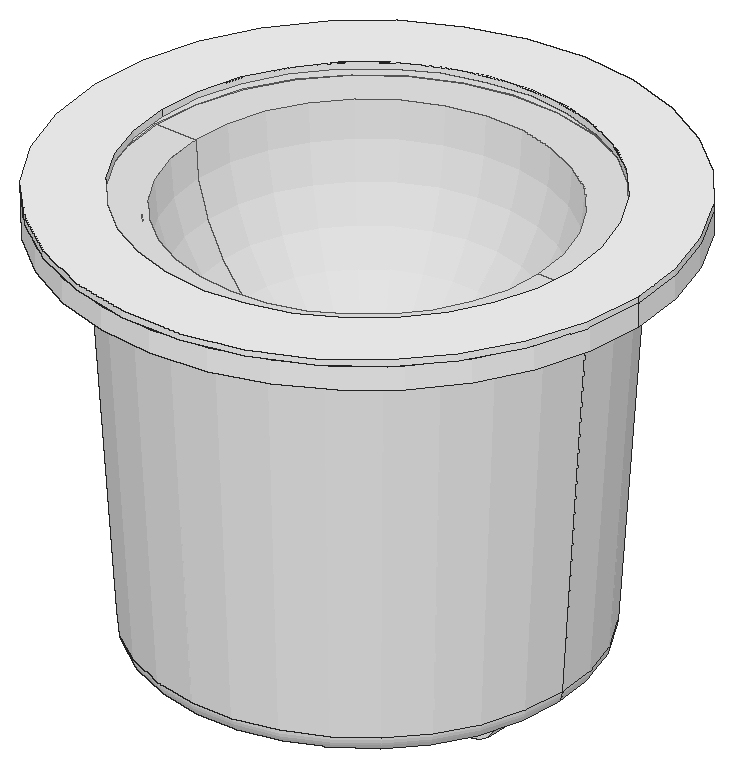
Revit family "2058931", category Lighting Fixtures, host Face, Revit 2018
Family settings
  Host = Face
  Round Connector Dimension = Use Diameter
  Part Type = Normal
  OmniClass Number = 23.80.70.11.17
  OmniClass Title = Specialized Lighting by Location or Use
  Cut with Voids When Loaded = No
  Light Source = Yes
  Shared = No
  Room Calculation Point = No
Parameters (values of type "2058931 MYRIAD DECO IP65 SP 2.7K DALI EM WH CBEZ")
  Weight = "n/a"
  Wattage = 15 W
  WarrantyStartDate [instance] = "n/a"
  WarrantyGuarantorParts = "n/a"
  WarrantyDurationUnit = "n/a"
  WarrantyDurationParts = ""
  WarrantyDescription = "http://www.sylvania-lighting.com"
  built-in parameter 1150110 = 1 (stored number, unit not read)
  Voltage = 230 V
  URL = "0"
  TypeName = "MYRIAD DECO IP65 SPOT 2700K DALI EM WHITE CBEZ"
  Type Image = 0
  Type Comments = ""
  built-in parameter 1114217 = 1 (stored number, unit not read)
  Tilt Angle = -90°
  built-in parameter 1150109 = 1 (stored number, unit not read)
  built-in parameter 1150134 = (empty or 0)
  built-in parameter 1150113 = 1 (stored number, unit not read)
  SerialNumber [instance] = "n/a"
  Reflector Radius = Cutout Diameter / 2 - 2.5 mm  # 35.0 mm
  Reflector Material = Aluminum_Sylvania_Myriad_Bright
  Recessed Depth = Height  # 72.0 mm
  PowerFactor = 0
  PowerConsumption = "Lighting"
  Photometric Web File = "2058931.ies"
  NominalWidth = 0.0 mm
  NominalLength = 76.0 mm
  NominalHeight = 72.0 mm
  Name = "MYRIAD DECO IP65 SPOT 2700K DALI EM WHITE CBEZ"
  ModelReference = "MYRIAD DECO IP65 SPOT 2700K DALI EM WHITE CBEZ"
  ModelNumber = "2058931"
  Material = "Feilo Sylvania"
  ManufacturerName = "103 lm/W"
  LuminousEfficacy = ""
  LuminaireType = "0"
  LightOutputRatio = "LED"
  LampsType = Lamp  # "n/a"
  LampNominalLuminous = "2700 K"
  LampMacAdamStep = "90"
  LampColourTemperature = "LED"
  LampColourRenderingIndex = "16500"
  Keynote = "n/a"
  Keynote_2 = "16500"
  InstallationDate [instance] = "n/a"
  InputVoltage = "0"
  InputNominalFrequency = "2700"
  IngressProtection = "IfcLightFixtureType"
  ImpactProtectionIndex = "IfcLightFixtureType"
  IfcExportType = "IfcLightFixtureType"
  IfcExportAs = "Class II"
  Height = 72.0 mm  # constant formula
  ExpectedLife = 50000
  Emit from Circle Diameter = Accessory Inner Diameter 2  # 68.0 mm
  Emit Shape Visible in Rendering = no
  ElectricShockClassification = "103"
  DurationUnit = "hours"
  DocumentationLiterature = "http://www.sylvania-lighting.com/product/en-int/products/2058931"
  DimmingControlOptions = "n/a"
  Diffuser Material = Glass_Sylvania_Myriad_Clear_4000K
  Diffuser Diameter = Cutout Diameter  # 75.0 mm
  Cutout Diameter = 75.0 mm  # constant formula
  CreatedOn = "03/02/2022"
  CreatedBy = "@sylvania-lighting.com"
  Cost = 0
  built-in parameter 1114216 [instance] = 1 (stored number, unit not read)
  Model = "MYRIAD DECO IP65 SPOT 2700K DALI EM WHITE CBEZ"
  Manufacturer = "Feilo Sylvania"  # constant formula
  built-in parameter 1150105 = 83.556 (stored number, unit not read)
  Lumens = 1050 lm
  built-in parameter 1150115 = 1 (stored number, unit not read)
  built-in parameter 1150137 = (empty or 0)
  built-in parameter 1150139 = (empty or 0)
  built-in parameter 1150112 = 1 (stored number, unit not read)
  built-in parameter 1150114 = 1 (stored number, unit not read)
  Lamp = "n/a"
  built-in parameter 1150132 = (empty or 0)
  built-in parameter 1150102 = (empty or 0)
  built-in parameter 1150107 = 2700 (stored number, unit not read)
  built-in parameter 1150138 = (empty or 0)
  built-in parameter 1150106 = 0.83556 (stored number, unit not read)
  built-in parameter 1150104 = 6.5032 (stored number, unit not read)
  Dimming Lamp Color Temperature Shift = <None>
  Description = "Supplied complete with electronic control gear Compact Fluorescent low energy downlight Emergency version passes through the cut out Ideal for low level orientation lighting New range of Architectural accessories each providing a different lit dimension New completely flush plaster up accessory ring for clean ceiling lines and smooth finish Order lamp separately"  # constant formula
  Default Elevation = 0.0 mm
  Color Filter = 16777215
  built-in parameter 1140040 [instance] = 1
  Body Radius = Reflector Radius + 1.5 mm  # 36.5 mm
  Body Material = Aluminum_Sylvania_Myriad_Gray
  BarCode [instance] = "n/a"
  built-in parameter 1114218 = 1 (stored number, unit not read)
  built-in parameter 1150133 = 10 (stored number, unit not read)
  AssetType = "Fixed"
  AssetIdentifier [instance] = "n/a"
  Assembly Code = "D5020200"
  Apparent Load = 12 VA
  Accessory Material = Aluminum_Sylvania_Myriad_White
  Accessory Inner Diameter 2 = Accessory Diameter - 22.0 mm  # 68.0 mm
  Accessory Inner Diameter 1 = Accessory Diameter - 2.0 mm  # 88.0 mm
  Accessory Diameter = Cutout Diameter + 15.0 mm  # 90.0 mm
Reference planes
  plane 1 "Center (Front/Back)": y = 0
  plane 2: z = 0
  plane 3 "Center (Left/Right)": x = 0
  plane 4: z = 2
  plane 5 "Fixture Bottom": z = 4.5
  plane 6: z = -28.5
  plane 7: z = -61.5
  plane 8 "Fixture Top": z = -67.5
  plane 9: z = 3.5
Forms (mm)
  Revolve 1, solid, material "Aluminum_Sylvania_Myriad_Bright" <- "Reflector Material", detail levels fine
    sketch origin (0, 0, 0) x (1, 0, 0) y (0, 0, 1)
      loop
        line (0, -27.515) -> (-6, -27.515)
        arc (-6, -27.515) -> (-22.333, -16.632) -> (-28.5, 2) r 30.135
        line (-28.5, 2) -> (-35, 2) -> (-35, 0) -> (-29.184, 0)
        arc (-29.184, 0) -> (-22.423, -18.18) -> (-6, -28.5) r 30.204
        line (-6, -28.5) -> (0, -28.5) -> (0, -27.515)
      axis (0, -28.5) -> (0, 2)
    angle from 0 to 360
  Revolve 2, solid, material "Aluminum_Sylvania_Myriad_Gray" <- "Body Material", detail levels fine
    sketch origin (0, 0, 0) x (1, 0, 0) y (0, 0, 1)
      loop
        line (-44, 2) -> (-44, 0) -> (-36.5, 0) -> (-32.42, -58.708)
        arc (-32.42, -58.708) -> (-31.474, -60.694) -> (-29.428, -61.5) r 3
        line (-29.428, -61.5) -> (0, -61.5) -> (0, -28.5) -> (-6, -28.5)
        arc (-6, -28.5) -> (-22.423, -18.18) -> (-29.184, 0) r 30.204
        line (-29.184, 0) -> (-35, 0) -> (-35, 2) -> (-44, 2)
      axis (0, 2) -> (0, -61.5)
    angle from 0 to 360
  Extrusion 3, solid, material "Aluminum_Sylvania_Myriad_Gray" <- "Body Material", detail levels fine
    sketch origin (0, 0, 0) x (1, 0, 0) y (0, 0, 1)
      loop
        line (-13.5, -67.5) -> (21, -67.5)
        arc (21, -67.5) -> (23.828, -66.328) -> (25, -63.5) r 4
        line (25, -63.5) -> (25, -61.5) -> (-17.5, -61.5) -> (-17.5, -63.5)
        arc (-17.5, -63.5) -> (-16.328, -66.328) -> (-13.5, -67.5) r 4
    from -4.5 to 4.5
  Extrusion 4, solid, material "Aluminum_Sylvania_Myriad_White" <- "Accessory Material", detail levels fine
    sketch origin (0, 0, 0) x (1, 0, 0) y (0, 1, 0)
      loop
        circle (0, 0) r 45
      loop
        circle (0, 0) r 44
    from 0 to 3.5
  Extrusion 5, solid, material "Aluminum_Sylvania_Myriad_White" <- "Accessory Material", detail levels fine
    sketch origin (0, 0, 0) x (1, 0, 0) y (0, 1, 0)
      loop
        circle (0, 0) r 45
      loop
        circle (0, 0) r 34
    from 3.5 to 4.5
  Extrusion 6, solid, material "Aluminum_Sylvania_Myriad_White" <- "Accessory Material", detail levels coarse+medium
    sketch origin (0, 0, 0) x (1, 0, 0) y (0, 1, 0)
      loop
        circle (0, 0) r 45
    from 0 to 4.5
  Revolve 7, solid, detail levels coarse+medium
    sketch origin (0, 0, 0) x (1, 0, 0) y (0, 0, 1)
      loop
        line (36.5, 0) -> (0, 0) -> (0, -61.5) -> (32.226, -61.5) -> (36.5, 0)
      axis (0, 0) -> (0, -61.5)
    angle from 0 to 360
  Extrusion 8, void
    sketch origin (0, 0, 0) x (1, 0, 0) y (0, 1, 0)
      loop
        circle (0, 0) r 37.5
    from -67.5 to 0
  Extrusion 9, solid, material "Glass_Sylvania_Myriad_Clear_4000K" <- "Diffuser Material", detail levels fine
    sketch origin (0, 0, 0) x (1, 0, 0) y (0, 1, 0)
      loop
        circle (0, 0) r 37.5
    from 2 to 3.5
Cuts and joins
  joined: Extrusion 4, Extrusion 5
Lines and regions (mm)
  Masking region 1
    outline origin (0, 0, 0) x (1, 0, 0) y (0, 1, 0)
      loop
        circle (0, 0) r 45
  symbolic lines
    curve 1: arc (-34, 0, 0) -> (0, 34, 0) -> (34, 0, 0) r 34
    curve 2: arc (34, 0, 0) -> (0, -34, 0) -> (-34, 0, 0) r 34
Dimensions and locks
  locked: plane 7 to plane 8 "Fixture Top" at 6
  "Body Radius": Revolve 7 sketch curve to plane 3 "Center (Left/Right)"
  locked: Revolve 7 sketch curve to Revolve 7 sketch curve at 4.274
  plane 5 "Fixture Bottom" to plane 9 to plane 4 to plane 2 to plane 6 = 1.0 mm locked, 1.5 mm locked, 2.0 mm locked, 28.5 mm locked
  "Reflector Radius": Revolve 1 sketch curve to plane 3 "Center (Left/Right)"
  Revolve 1 sketch curve to Revolve 1 sketch curve to Revolve 1 sketch curve to Revolve 1 sketch curve = 6.5 mm locked, 22.5 mm locked, 0.0 mm locked
  "Reflector Radius": plane 3 "Center (Left/Right)" to Revolve 2 sketch curve
  Revolve 2 sketch curve to Revolve 2 sketch curve to Revolve 2 sketch curve = 7.5 mm locked, 1.5 mm locked
  Revolve 2 sketch curve to Revolve 2 sketch curve to Revolve 2 sketch curve = 5.816 mm locked, 23.184 mm locked
  Revolve 2 sketch curve to Revolve 2 sketch curve to Revolve 2 sketch curve = 2.58 mm locked, 2.993 mm locked
  "Accessory Diameter": diameter of Extrusion 4 sketch curve
  "Accessory Inner Diameter 1": diameter of Extrusion 4 sketch curve
  "Accessory Diameter": diameter of Extrusion 5 sketch curve
  "Accessory Diameter": diameter of Extrusion 6 sketch curve
  "Cutout Diameter": diameter of Extrusion 8 sketch curve
  "Accessory Inner Diameter 2": diameter of Extrusion 5 sketch curve
  "Diffuser Diameter": diameter of Extrusion 9 sketch curve
  aligned and locked: plane 2 to host face
  aligned and locked: level to host face
  aligned and locked: plane 1 "Center (Front/Back)" to imposter light
  aligned and locked: plane 3 "Center (Left/Right)" to imposter light
  aligned and locked: Revolve 1 sketch curve to imposter light
  aligned and locked: Extrusion 3 sketch curve to plane 8 "Fixture Top"
  aligned and locked: plane 7 to Extrusion 3 sketch curve
  aligned and locked: Extrusion 4 to plane 2
  aligned and locked: plane 9 to Extrusion 4
  aligned and locked: Extrusion 5 to plane 9
  aligned and locked: plane 5 "Fixture Bottom" to Extrusion 5
  aligned and locked: Extrusion 6 to plane 2
  aligned and locked: plane 5 "Fixture Bottom" to Extrusion 6
  aligned and locked: Extrusion 8 to plane 8 "Fixture Top"
  aligned and locked: plane 2 to Extrusion 8
  aligned and locked: Masking region 1 sketch curve to Extrusion 6  (x2)
  aligned and locked: Extrusion 9 to plane 4
  aligned and locked: plane 9 to Extrusion 9
  aligned and locked: plane 4 to Revolve 2 sketch curve
  aligned and locked: Revolve 2 sketch curve to plane 2
  aligned and locked: curve 1 to cut or joined group of Extrusion 4, Extrusion 5
  aligned and locked: curve 2 to cut or joined group of Extrusion 4, Extrusion 5
  aligned and locked: imposter light to plane 5 "Fixture Bottom"
Automatic sketch dimensions
  host sketch curve to host sketch curve = 1305.563 mm
  host sketch curve to host sketch curve = 1283.632 mm
  Extrusion 3 sketch curve to plane 7 = 2.0 mm
  Extrusion 3 sketch curve to plane 3 "Center (Left/Right)" = 13.5 mm
  plane 3 "Center (Left/Right)" to Extrusion 3 sketch curve = 21.0 mm
  Extrusion 3 sketch curve to Extrusion 3 sketch curve = 4.0 mm
  Revolve 1 sketch curve to level = 0.0 mm
  Revolve 1 sketch curve to plane 3 "Center (Left/Right)" = 0.0 mm
  Revolve 1 sketch curve to plane 6 = 0.0 mm
  Revolve 1 sketch curve to plane 4 = 0.0 mm
  Revolve 1 sketch curve to Revolve 1 sketch curve = 0.684 mm
  level to Revolve 1 sketch curve = 0.88 mm
  Revolve 1 sketch curve to plane 4 = 0.363 mm
  Revolve 1 sketch curve to Revolve 1 sketch curve = 0.625 mm
  Revolve 1 sketch curve to plane 8 "Fixture Top" = 232.8 mm
  plane 5 "Fixture Bottom" to Revolve 1 sketch curve = 291.243 mm
  Revolve 2 sketch curve to plane 3 "Center (Left/Right)" = 0.0 mm  (x2)
  Revolve 2 sketch curve to plane 7 = 0.0 mm
  Revolve 2 sketch curve to plane 6 = 0.0 mm
  Revolve 2 sketch curve to level = 0.0 mm
  level to Revolve 2 sketch curve = 0.88 mm
  plane 7 to Revolve 2 sketch curve = 2.792 mm
  Revolve 2 sketch curve to plane 8 "Fixture Top" = 304.774 mm
  plane 5 "Fixture Bottom" to Revolve 2 sketch curve = 1137.105 mm
  Extrusion 4 sketch curve to Extrusion 4 sketch curve = 0.0 mm  (x2)
  plane 1 "Center (Front/Back)" to Extrusion 4 sketch curve = 0.0 mm
  Extrusion 4 sketch curve to plane 3 "Center (Left/Right)" = 0.0 mm
  Extrusion 5 sketch curve to Extrusion 5 sketch curve = 0.0 mm  (x2)
  plane 1 "Center (Front/Back)" to Extrusion 5 sketch curve = 0.0 mm
  Extrusion 5 sketch curve to plane 3 "Center (Left/Right)" = 0.0 mm
  plane 1 "Center (Front/Back)" to Extrusion 6 sketch curve = 0.0 mm
  Extrusion 6 sketch curve to plane 3 "Center (Left/Right)" = 0.0 mm
  Revolve 7 sketch curve to level = 0.0 mm
  Revolve 7 sketch curve to plane 3 "Center (Left/Right)" = 0.0 mm  (x2)
  Revolve 7 sketch curve to plane 7 = 0.0 mm
  Revolve 7 sketch curve to plane 8 "Fixture Top" = 304.774 mm
  plane 5 "Fixture Bottom" to Revolve 7 sketch curve = 43.226 mm
  plane 1 "Center (Front/Back)" to Extrusion 8 sketch curve = 0.0 mm
  Extrusion 8 sketch curve to plane 3 "Center (Left/Right)" = 0.0 mm
  plane 1 "Center (Front/Back)" to Extrusion 9 sketch curve = 0.0 mm
  Extrusion 9 sketch curve to plane 3 "Center (Left/Right)" = 0.0 mm
Connectors
  electrical at (-0.006, -0.019, -67.5), driven by "Apparent Load", driven by "Apparent Load"
    settings: on plane 8 "Fixture Top", index 1, voltage 230 V, apparent load 12 VA, apparent load phase1 12 VA, apparent load phase2 0 VA, apparent load phase3 0 VA, power factor 1, load classification "Lighting", number of poles 1, system type 30, power factor state 1, is connector primary yes, connector utility no, sub classification motor no, connector description ""
